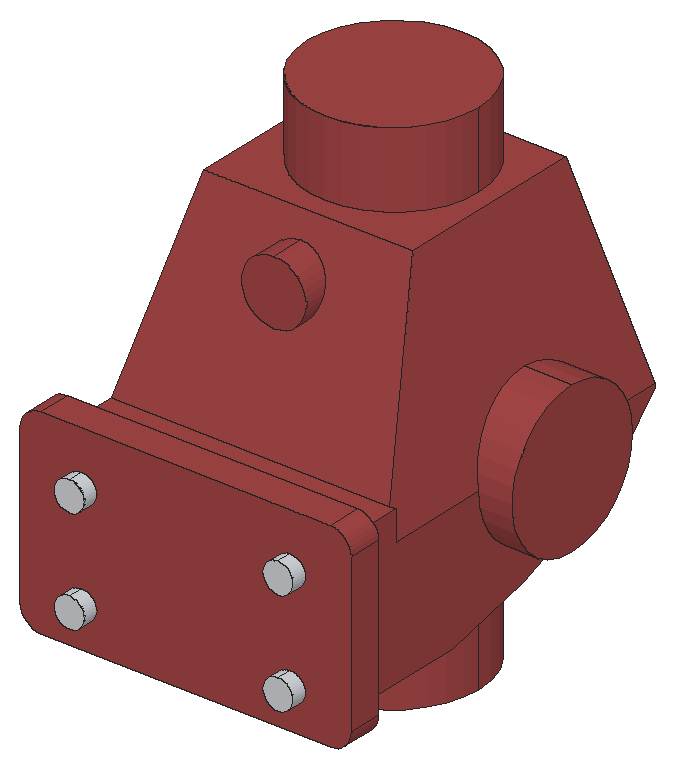
Revit family
Parameters (values of type "2.5" GG (PN 07929)")
  Weight = 20.00 lbf
  Viking Part Number = "07929"
  Valve extrude depth = 4.853"
  Valve Radius = Valve Diameter / 2  # 1.4375"
  Valve Height = 9.000"
  Valve Diameter = 2.875"
  Valve Body Top Offset = 7.733"
  Valve Body Bottom Offset = 2.000"
  URL = "http://www.vikinggroupinc.com/databook/checkvalves/011189.pdf"
  Rev. Date = "12-17-09"
  Pressure Rating = 250.00 psi
  Model = "E-1"
  Manufacturer = "The Viking Corporation"
  Main Drain Height = 4.125"
  Main Drain Extrude Right = 3.000"
  Main Drain Extrude Radius = 1.256"
  Gauge System Height = 6.813"
  Gauge Supply Height = 1.875"
  Gauge System Extrude = 2.500"
  Gauge Supply Extrude = 1.750"
  Friction Loss (Feet of Sch 40 Pipe) = 6.000"
  Face Top = 4.628"
  Face Right = 3.790"
  Description = "Easy Riser Check Valve"
  Connector Radius = 1.250"
  Bolts spacing Hor = 3.500"
  Bolts Spacing Top = 4.063"
  Bolts Spacing Bottom = 2.313"
  Bolt Start = 4.353"
  Body Right = 1.786"
  Body Left = 2.438"
  Body Bend Vert = 4.628"
  Body Bend Hoz = 2.988"
  Assembly Code = ""
Reference planes (in)
  plane 1 "Center (Front/Back)": y = 0
  plane 2 "Valve Bottom": z = 0
  plane 3 "Center (Left/Right)": x = 0
  plane 4 "Valve Top": z = 9
  plane 5 "Drain cl": z = 4.125
  plane 6 "Gauge Supply CL": z = 1.875
  plane 7 "Gauge System CL": z = 6.813
  plane 8 "body Bottom": z = 2
  plane 9 "Body Top": z = 7.733
  plane 10 "Face Top": z = 4.628
  plane 11 "Body Bend Vertical": z = 4.628
  plane 12 "Face Right": y = -3.79
  plane 13 "Body Bend Horizontal": y = -2.988
  plane 14 "Body Right": y = -1.786
  plane 15 "Body Left": y = 2.438
  plane 16 "Left": x = -2.4265
  plane 17 "Right": x = 2.4265
  plane 18 "Bolts Top": z = 4.063
  plane 19 "Bolts Bottom": z = 2.313
  plane 20 "Bolts Left": x = -1.75
  plane 21 "Bolts Right": x = 1.75
  plane 22 "Bolts Start": y = -4.353
  plane 23 "Cover Overhang Left": x = -2.7765
  plane 24 "cover overhang bottom": z = 1.65
  plane 25 "Cover Overhang Top": z = 4.978
  plane 26 "Cover Overhang Right": x = 2.7765
  plane 27 "Bolts End": y = -4.603
  plane 28 "Valve Diameter tangent left": x = -1.4375
  plane 29 "Valve Diameter tangent right": x = 1.4375
  plane 30 "Drain Extrude Right": x = 3
  plane 31 "Gauge Supply Extrude": x = -1.75
  plane 32 "Alarm Drain extrude": x = 3.375
  plane 33 "Pipe Tangent back": y = 1.4375
  plane 34 "Spline Hor": y = 2.828
  plane 35 "Gauge System Extrude": y = -2.5
Forms (in)
  Extrusion 1, solid, material "Valve"
    sketch origin (0, 0, 0) x (0, 1, 0) y (0, 0, 1)
      loop
        line (2.438, 7.733) -> (-1.786, 7.733) -> (-2.988, 4.628) -> (-3.79, 4.628) -> (-3.79, 2) -> (2.438, 2) -> (2.438, 7.733)
    from -2.4265 to 2.4265
  Extrusion 2, void
    sketch origin (0, 0, 0) x (0, 1, 0) y (0, 0, 1)
      loop
        line (1.938, 2) -> (2.438, 2) -> (2.438, 2.188)
        spline (2.438, 2.188) -> (2.43372, 2.16346) -> (2.42096, 2.13934) -> (2.39994, 2.11606) -> (2.37101, 2.094) -> (2.33468, 2.07355) -> (2.29155, 2.05506) -> (2.24238, 2.03885) -> (2.188, 2.02519) -> (2.12934, 2.01431) -> (2.06741, 2.00641) -> (2.00326, 2.00161) -> (1.938, 2)
    from -5 to 2.4265
  Extrusion 3, solid, material "Valve", detail levels fine
    sketch origin (0, -3.79, 0) x (0, 0, 1) y (-1, 0, 0)
      loop
        line (4.628, 2.7765) -> (2, 2.7765)
        arc (2, 2.7765) -> (1.75251, 2.67399) -> (1.65, 2.4265) r 0.35
        line (1.65, 2.4265) -> (1.65, -2.4265)
        arc (1.65, -2.4265) -> (1.75251, -2.67399) -> (2, -2.7765) r 0.35
        line (2, -2.7765) -> (4.628, -2.7765)
        arc (4.628, -2.7765) -> (4.87549, -2.67399) -> (4.978, -2.4265) r 0.35
        line (4.978, -2.4265) -> (4.978, 2.4265)
        arc (4.978, 2.4265) -> (4.87549, 2.67399) -> (4.628, 2.7765) r 0.35
    from 0 to 0.563
  Extrusion 4, solid, detail levels fine
    sketch origin (0, -4.353, 0) x (0, 0, 1) y (-1, 0, 0)
      loop
        circle (4.063, 1.75) r 0.25
      loop
        circle (4.063, -1.75) r 0.25
      loop
        circle (2.313, -1.75) r 0.25
      loop
        circle (2.313, 1.75) r 0.25
    from 0 to 0.25
  Extrusion 5, solid, material "Valve"
    sketch origin (0, 0, 0) x (1, 0, 0) y (0, 1, 0)
      loop
        circle (0, 0) r 1.4375
    from 0.255 to 9
  Extrusion 6, solid, material "Valve"
    sketch origin (-2.4265, 0, 0) x (0, 0, 1) y (0, -1, 0)
      loop
        circle (1.875, 0) r 0.54
    from 0.6765 to 2.4265
  Extrusion 7, solid, material "Valve"
    sketch origin (2.4265, 0, 0) x (0, 0, -1) y (0, -1, 0)
      loop
        circle (-4.125, 0) r 1.256
    from -0.5735 to 2.4265
  Extrusion 8, solid, material "Valve"
    sketch origin (0, 0, 0) x (1, 0, 0) y (0, 1, 0)
      loop
        circle (0, 0) r 0.25
    from 0.255 to 0.75
  Extrusion 9, void
    sketch origin (-2.4265, 0, 0) x (0, 0, 1) y (0, -1, 0)
      loop
        line (2, 1.786) -> (2, -2.438) -> (4.063, -2.438)
        spline (4.063, -2.438) -> (3.82586, -2.25922) -> (3.60059, -2.04895) -> (3.38717, -1.80718) -> (3.1856, -1.53392) -> (2.9959, -1.22916) -> (2.81806, -0.89291) -> (2.65207, -0.52516) -> (2.49794, -0.12592) -> (2.35567, 0.30482) -> (2.22525, 0.76705) -> (2.1067, 1.26078) -> (2, 1.786)
    from 0 to 4.853
  Extrusion 10, solid, material "Valve"
    sketch origin (0, 0, 0) x (1, 0, 0) y (0, 1, 0)
      loop
        circle (0, 0) r 0.25
    from 8.25 to 9
  Extrusion 11, void
    sketch origin (-2.4265, 0, 0) x (0, 0, 1) y (0, -1, 0)
      loop
        line (4.125, -2.438) -> (7.733, -2.438) -> (7.733, -1.4375) -> (4.125, -2.438)
    from 0 to 4.853
  Extrusion 12, void
    sketch origin (0, 2.438, 0) x (0, 0, 1) y (-1, 0, 0)
      loop
        line (4.125, -2.4265) -> (7.733, -2.4265) -> (7.733, -1.75) -> (4.125, -2.4265)
    from 0 to 5.426
  Extrusion 13, void
    sketch origin (0, -1.786, 0) x (0, 0, 1) y (-1, 0, 0)
      loop
        line (4.125, 2.4265) -> (7.733, 1.75) -> (7.733, 2.4265) -> (4.125, 2.4265)
    from -4.224 to 12
  Extrusion 14, solid, material "Valve"
    sketch origin (0, -2.5, 0) x (0, 0, -1) y (-1, 0, 0)
      loop
        circle (-6.813, 0) r 0.54
    from 0 to 2.5
Cuts and joins
  Extrusion 2, Extrusion 9, Extrusion 11, Extrusion 12, Extrusion 13 cuts Extrusion 1
  Extrusion 11 cuts Extrusion 5
  Extrusion 9 cuts Extrusion 7
  Extrusion 12, Extrusion 13 cuts Extrusion 10
  joined: Extrusion 1, Extrusion 5, Extrusion 6, Extrusion 7, Extrusion 8, Extrusion 10, Extrusion 14
Lines and regions (in)
  model lines
    curve 1: line (-2.4265, -1.786, 2) -> (-2.4265, 2.438, 4.063)
Dimensions and locks (in)
  "Valve Height": plane 4 "Valve Top" to plane 2 "Valve Bottom"
  "Main Drain Height": plane 5 "Drain cl" to plane 2 "Valve Bottom"
  "Gauge Supply Height": plane 6 "Gauge Supply CL" to plane 2 "Valve Bottom"
  "Gauge System Height": plane 7 "Gauge System CL" to plane 2 "Valve Bottom"
  "Valve Body Bottom Offset": plane 8 "body Bottom" to plane 2 "Valve Bottom"
  "Valve Body Top Offset": plane 9 "Body Top" to plane 2 "Valve Bottom"
  "Face Right": plane 1 "Center (Front/Back)" to plane 12 "Face Right"
  "Body Bend Hoz": plane 1 "Center (Front/Back)" to plane 13 "Body Bend Horizontal"
  "Body Right": plane 1 "Center (Front/Back)" to plane 14 "Body Right"
  "Face Top": plane 10 "Face Top" to plane 2 "Valve Bottom"
  "Body Bend Vert": plane 11 "Body Bend Vertical" to plane 2 "Valve Bottom"
  "Body Left": plane 15 "Body Left" to plane 1 "Center (Front/Back)"
  equal spacing: plane 17 "Right", plane 3 "Center (Left/Right)", plane 16 "Left"
  "Valve extrude depth": plane 17 "Right" to plane 16 "Left"
  equal spacing: plane 20 "Bolts Left", plane 3 "Center (Left/Right)", plane 21 "Bolts Right"
  "Bolts spacing Hor": plane 20 "Bolts Left" to plane 21 "Bolts Right"
  "Bolts Spacing Bottom": plane 19 "Bolts Bottom" to plane 2 "Valve Bottom"
  "Bolts Spacing Top": plane 18 "Bolts Top" to plane 2 "Valve Bottom"
  locked: plane 16 "Left" to plane 23 "Cover Overhang Left" at 0.35
  locked: plane 17 "Right" to plane 26 "Cover Overhang Right" at 0.35
  equal spacing: plane 28 "Valve Diameter tangent left", plane 3 "Center (Left/Right)", plane 29 "Valve Diameter tangent right"
  "Valve Diameter": plane 28 "Valve Diameter tangent left" to plane 29 "Valve Diameter tangent right"
  "Main Drain Extrude Right": plane 30 "Drain Extrude Right" to plane 3 "Center (Left/Right)"
  "Gauge Supply Extrude": plane 3 "Center (Left/Right)" to plane 31 "Gauge Supply Extrude"
  locked: plane 32 "Alarm Drain extrude" to plane 3 "Center (Left/Right)" at 3.375
  "Bolt Start": plane 1 "Center (Front/Back)" to plane 22 "Bolts Start"
  "Valve Radius": plane 33 "Pipe Tangent back" to plane 1 "Center (Front/Back)"
  locked: plane 22 "Bolts Start" to plane 27 "Bolts End" at 0.25
  plane 8 "body Bottom" to plane 24 "cover overhang bottom" = 0.350"
  locked: plane 25 "Cover Overhang Top" to plane 10 "Face Top" at 0.35
  locked: plane 34 "Spline Hor" to plane 1 "Center (Front/Back)" at 2.828
  "Gauge System Extrude": plane 1 "Center (Front/Back)" to plane 35 "Gauge System Extrude"
  "Valve Radius": radius of Extrusion 5 sketch curve
  radius of Extrusion 6 sketch curve = 0.540"
  "Main Drain Extrude Radius": radius of Extrusion 7 sketch curve
  radius of Extrusion 8 sketch curve = 0.250"
  radius of Extrusion 10 sketch curve = 0.250"
  aligned and locked: Extrusion 1 to plane 16 "Left"
  aligned and locked: Extrusion 1 to plane 17 "Right"
  aligned and locked: Extrusion 2 to plane 17 "Right"
  aligned and locked: plane 27 "Bolts End" to Extrusion 4
  aligned and locked: Extrusion 6 to plane 31 "Gauge Supply Extrude"
  aligned and locked: plane 3 "Center (Left/Right)" to Extrusion 6
  aligned and locked: plane 30 "Drain Extrude Right" to Extrusion 7
  aligned and locked: Extrusion 7 to plane 3 "Center (Left/Right)"
  aligned and locked: Extrusion 9 to plane 17 "Right"
  aligned and locked: plane 4 "Valve Top" to Extrusion 5
  aligned and locked: plane 4 "Valve Top" to Extrusion 10
  aligned and locked: Extrusion 11 to plane 17 "Right"
  aligned and locked: Extrusion 12 to plane 13 "Body Bend Horizontal"
  aligned and locked: plane 9 "Body Top" to Extrusion 13
  aligned and locked: plane 9 "Body Top" to Extrusion 12
  aligned and locked: level to plane 2 "Valve Bottom"
  aligned and locked: Extrusion 3 to plane 22 "Bolts Start"
  aligned and locked: Extrusion 14 to plane 35 "Gauge System Extrude"
  aligned and locked: Extrusion 14 to plane 1 "Center (Front/Back)"
Automatic sketch dimensions
  Extrusion 1 sketch curve to plane 10 "Face Top" = 0.000"
  Extrusion 1 sketch curve to plane 12 "Face Right" = 0.000"
  Extrusion 1 sketch curve to plane 11 "Body Bend Vertical" = 0.000"
  Extrusion 1 sketch curve to plane 13 "Body Bend Horizontal" = 0.000"
  Extrusion 1 sketch curve to plane 9 "Body Top" = 0.000"
  Extrusion 1 sketch curve to plane 14 "Body Right" = 0.000"
  Extrusion 1 sketch curve to plane 15 "Body Left" = 0.000"
  Extrusion 1 sketch curve to plane 8 "body Bottom" = 0.000"
  Extrusion 2 sketch curve to plane 8 "body Bottom" = 0.000"
  Extrusion 2 sketch curve to plane 15 "Body Left" = 0.000"
  plane 19 "Bolts Bottom" to Extrusion 2 sketch curve = 0.125"
  Extrusion 2 sketch curve to Extrusion 2 sketch curve = 0.500"
  Extrusion 3 sketch curve to plane 17 "Right" = 0.000"
  Extrusion 3 sketch curve to plane 24 "cover overhang bottom" = 0.000"
  Extrusion 3 sketch curve to plane 8 "body Bottom" = 0.000"  (x2)
  Extrusion 3 sketch curve to plane 10 "Face Top" = 0.000"  (x2)
  Extrusion 3 sketch curve to plane 16 "Left" = 0.000"
  Extrusion 3 sketch curve to plane 25 "Cover Overhang Top" = 0.000"
  Extrusion 4 sketch curve to plane 19 "Bolts Bottom" = 0.000"  (x2)
  Extrusion 4 sketch curve to plane 18 "Bolts Top" = 0.000"  (x2)
  Extrusion 4 sketch curve to plane 21 "Bolts Right" = 0.000"  (x2)
  Extrusion 4 sketch curve to plane 20 "Bolts Left" = 0.000"  (x2)
  Extrusion 5 sketch curve to plane 1 "Center (Front/Back)" = 0.000"
  Extrusion 5 sketch curve to plane 3 "Center (Left/Right)" = 0.000"
  Extrusion 6 sketch curve to plane 1 "Center (Front/Back)" = 0.000"
  Extrusion 6 sketch curve to plane 6 "Gauge Supply CL" = 0.000"
  Extrusion 7 sketch curve to plane 1 "Center (Front/Back)" = 0.000"
  Extrusion 7 sketch curve to plane 5 "Drain cl" = 0.000"
  Extrusion 8 sketch curve to plane 1 "Center (Front/Back)" = 0.000"
  Extrusion 8 sketch curve to plane 3 "Center (Left/Right)" = 0.000"
  Extrusion 9 sketch curve to plane 8 "body Bottom" = 0.000"
  Extrusion 9 sketch curve to plane 18 "Bolts Top" = 0.000"
  Extrusion 9 sketch curve to plane 14 "Body Right" = 0.000"
  Extrusion 9 sketch curve to plane 15 "Body Left" = 0.000"
  curve 1 to plane 15 "Body Left" = 0.000"
  curve 1 to plane 18 "Bolts Top" = 0.000"
  curve 1 to plane 8 "body Bottom" = 0.000"
  curve 1 to plane 14 "Body Right" = 0.000"
  Extrusion 10 sketch curve to plane 1 "Center (Front/Back)" = 0.000"
  Extrusion 10 sketch curve to plane 3 "Center (Left/Right)" = 0.000"
  Extrusion 11 sketch curve to plane 5 "Drain cl" = 0.000"
  Extrusion 11 sketch curve to plane 9 "Body Top" = 0.000"
  Extrusion 11 sketch curve to plane 15 "Body Left" = 0.000"
  Extrusion 11 sketch curve to plane 33 "Pipe Tangent back" = 0.000"
  Extrusion 13 sketch curve to plane 5 "Drain cl" = 0.000"
  Extrusion 13 sketch curve to plane 9 "Body Top" = 0.000"
  Extrusion 13 sketch curve to plane 20 "Bolts Left" = 0.000"
  Extrusion 13 sketch curve to plane 16 "Left" = 0.000"
  Extrusion 12 sketch curve to plane 5 "Drain cl" = 0.000"
  Extrusion 12 sketch curve to plane 9 "Body Top" = 0.000"
  Extrusion 12 sketch curve to plane 17 "Right" = 0.000"
  Extrusion 12 sketch curve to plane 21 "Bolts Right" = 0.000"
  Extrusion 14 sketch curve to plane 3 "Center (Left/Right)" = 0.000"
  Extrusion 14 sketch curve to plane 7 "Gauge System CL" = 0.000"
  radius of Extrusion 4 sketch curve = 0.250"  (x4)
  radius of Extrusion 14 sketch curve = 0.540"
Connectors (in)
  piping at (0, 0, 9), driven by "Connector Radius"
    settings: on cut or joined group 1 (Extrusion 1, Extrusion 2, Extrusion 5, Extrusion 6, Extrusion 7, Extrusion 8, Extrusion 9, Extrusion 10, Extrusion 11, Extrusion 12, Extrusion 13, Extrusion 14), index 1
  piping at (0, 0, 0.255), driven by "Connector Radius"
    settings: on cut or joined group 1, index 2
